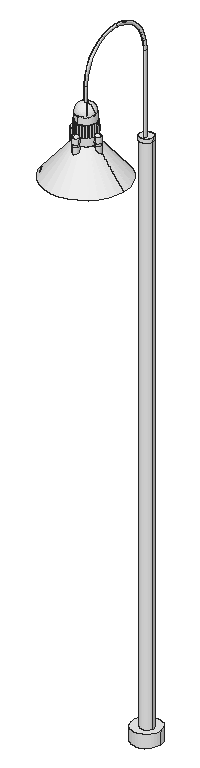
Revit family "RA25", category Lighting Fixtures, Revit 2021
Family settings
  Round Connector Dimension = Use Diameter
  Part Type = Normal
  OmniClass Number = 23.80.70.14.21
  OmniClass Title = Street and Roadway Lighting
  Work Plane-Based = No
  Always vertical = Yes
  Cut with Voids When Loaded = No
  Light Source = No
  Shared = No
  Room Calculation Point = No
Parameters (values of type "RA25-1A")
  Wattage Comments = "120 LEDs, 126W"  # constant formula
  Voltage = 120 V
  URL = "https://www.currentlighting.com/kimlighting"
  Type Comments = "Lighting Fixture"  # constant formula
  Series = "ERA LUMINAIRE"  # constant formula
  Product Page URL = ""
  Product Documentation Link = ""
  Power Factor = 1  # constant formula
  Pole Height = Mount Height - 16 1/2"  # 175 1/2"
  Pole Finish = Metal-Aluminum Alloy
  Photometric Notes = "More IES files download on Photometric Web Link"  # constant formula
  Number of Poles = 1
  Mount Height = 192"
  Model = "RA25"  # constant formula
  MasterFormat Title = "Parking Lighting, Roadway Lighting, Site Lighting"  # constant formula
  Manufacturer = "Kim Lighting"  # constant formula
  Load Classification = Lighting
  Lamp = "LED"  # constant formula
  Inside Material = Metal-Aluminum-Reflective
  IP Rating = "IP66"  # constant formula
  Housing Material = Metal-Aluminum Alloy
  Glass Material = Glass-Clear
  Finish = "All colors shall be a Super TGIC powder coat paint. Optional white (WH) and custom colors available."
  Description = "Era® is a transitionally styled luminaire that complements both traditional and contemporary architecture. Available with Kim's exclusive PicoEmitter LED technology."  # constant formula
  Default Elevation = 0"
  Contact us = ""
  Assembly Code = "D5020200"
  Arm Material = Metal-Aluminum Alloy
  Apparent Load = 68 VA
  Height = 17 1/2"
  Angle Bee = 180.00°
  4C = no
  3Y = no
  2 = no
  1 = yes
Reference planes (in)
  plane 1 "Center (Front/Back)": y = 0
  plane 2: z = 189
  plane 3 "Center (Left/Right)": x = -1.40174
  plane 4 "TOP": z = 192
  plane 5: z = 175.5
  plane 6: z = 182.5
  plane 7: x = 1.59826
  plane 8: x = -4.40174
  plane 9: z = 174.5
  plane 10: x = 7.09826
  plane 11: x = -9.90174
  plane 12: z = 183.5
  plane 13: z = 185
  plane 14: z = 188
  plane 15: x = 2.59826
  plane 16: x = -5.40174
  plane 17: y = -3
  plane 18: x = 3.34826
  plane 19: z = 179.5
  plane 20: x = -6.15174
  plane 21: y = 3
  plane 22: y = 4
  plane 23: y = -4
  plane 24: z = 177.20677
  plane 25 "Bottom": z = 172.75
  plane 26: z = 175
  plane 27: z = 176.5
  plane 28: z = 0
Forms (in)
  Revolve 1, solid, material "Glass-Clear" <- "Glass Material", not visible
    sketch origin (0, 0, 33.625) x (1, 0, 0) y (0, 0, 1)
      loop
        line (5.64075, 140.875) -> (5.36959, 140.875)
        arc (5.36959, 140.875) -> (2.08006, 139.66194) -> (-1.40174, 139.25) r 14.92048
        line (-1.40174, 139.25) -> (-1.40174, 139.125)
        arc (-1.40174, 139.125) -> (2.22659, 139.56905) -> (5.64075, 140.875) r 15.04548
      axis (-1.40174, 139.125) -> (-1.40174, 140.875)
    angle from 0 to 360
  Extrusion 2, solid, material "Glass-Clear" <- "Glass Material", not visible
    sketch origin (4.8439, 0, 27.67862) x (0, 1, 0) y (1, 0, 0)
      loop
        circle (0, -6.24564) r 7.04249
    from -147.32138 to -146.82138
  Revolve 3, solid, material "Metal-Aluminum Alloy" <- "Housing Material", not visible
    sketch origin (0, 0, 36) x (1, 0, 0) y (0, 0, 1)
      loop
        line (-1.40174, 156) -> (-1.40174, 155.875)
        arc (-1.40174, 155.875) -> (0.63119, 155.03293) -> (1.47326, 153) r 2.875
        line (1.47326, 153) -> (1.59826, 153)
        arc (1.59826, 153) -> (0.71958, 155.12132) -> (-1.40174, 156) r 3
      axis (-1.40174, 156) -> (-1.40174, 153)
    angle from 0 to 360
  Extrusion 4, solid, material "Metal-Aluminum Alloy" <- "Housing Material", not visible
    sketch origin (4.8439, 0, 29.1894) x (0, 1, 0) y (-1, 0, 0)
      loop
        circle (0, 2.24564) r 1
    from 150.3106 to 153.3106
  Extrusion 5, solid, material "Metal-Aluminum Alloy" <- "Housing Material", not visible
    sketch origin (0.83045, 4.01345, 29.1894) x (0, 1, 0) y (-1, 0, 0)
      loop
        circle (-0.01345, 2.23219) r 1
    from 150.3106 to 153.3106
  Extrusion 6, solid, material "Metal-Aluminum Alloy" <- "Housing Material", not visible
    sketch origin (-3.183, 0, 29.1894) x (0, 1, 0) y (-1, 0, 0)
      loop
        circle (0, 2.21874) r 0.98655
    from 150.3106 to 153.3106
  Extrusion 7, solid, material "Metal-Aluminum Alloy" <- "Housing Material", not visible
    sketch origin (0.83045, -4.01345, 29.1894) x (0, 1, 0) y (-1, 0, 0)
      loop
        circle (0.01345, 2.23219) r 0.98655
    from 150.3106 to 153.3106
  Blend 8, solid, material "Metal-Aluminum Alloy" <- "Housing Material", not visible
    base sketch origin (4.8439, 0, 29.1894) x (0, 1, 0) y (-1, 0, 0)
      loop
        line (3.25, 6.24564) -> (3.25, 6.49564) -> (3, 6.49564) -> (2.96248, 6.78061) -> (3.20396, 6.84532) -> (3.13926, 7.0868) -> (3.07455, 7.32828) -> (2.83307, 7.26357) -> (2.72308, 7.52913) -> (2.93958, 7.65413) -> (2.81458, 7.87064) -> (2.68958, 8.08714) -> (2.47308, 7.96214) -> (2.2981, 8.19018) -> (2.47487, 8.36696) -> (2.2981, 8.54373) -> (2.12132, 8.72051) -> (1.94454, 8.54373) -> (1.71836, 8.73208) -> (1.84197, 8.94939) -> (1.62466, 9.073) -> (1.40736, 9.1966) -> (1.28375, 8.9793) -> (1.01259, 9.07799) -> (1.07942, 9.334) -> (0.83753, 9.39715) -> (0.59564, 9.4603) -> (0.53249, 9.21841) -> (0.24492, 9.25814) -> (0.24332, 9.50814) -> (-0.00668, 9.50653) -> (-0.25667, 9.50493) -> (-0.25507, 9.25493) -> (-0.53249, 9.21841) -> (-0.59564, 9.4603) -> (-0.83753, 9.39715) -> (-1.07942, 9.334) -> (-1.01627, 9.0921) -> (-1.28375, 8.9793) -> (-1.40736, 9.1966) -> (-1.62466, 9.073) -> (-1.84197, 8.94939) -> (-1.71836, 8.73208) -> (-1.94454, 8.54373) -> (-2.12132, 8.72051) -> (-2.2981, 8.54373) -> (-2.47487, 8.36696) -> (-2.2981, 8.19018) -> (-2.47308, 7.96214) -> (-2.68958, 8.08714) -> (-2.81458, 7.87064) -> (-2.93958, 7.65413) -> (-2.72308, 7.52913) -> (-2.83307, 7.26357) -> (-3.07455, 7.32828) -> (-3.13926, 7.0868) -> (-3.20396, 6.84532) -> (-2.96248, 6.78061) -> (-3, 6.49564) -> (-3.25, 6.49564) -> (-3.25, 6.24564) -> (-3.25, 5.99564) -> (-3, 5.99564) -> (-2.96248, 5.71066) -> (-3.20396, 5.64595) -> (-3.13926, 5.40447) -> (-3.07455, 5.16299) -> (-2.83307, 5.2277) -> (-2.72308, 4.96214) -> (-2.93958, 4.83714) -> (-2.81458, 4.62064) -> (-2.68958, 4.40413) -> (-2.47308, 4.52913) -> (-2.2981, 4.30109) -> (-2.47487, 4.12432) -> (-2.2981, 3.94754) -> (-2.12132, 3.77076) -> (-1.94454, 3.94754) -> (-1.71836, 3.75919) -> (-1.84197, 3.54188) -> (-1.62466, 3.41828) -> (-1.40736, 3.29467) -> (-1.28375, 3.51197) -> (-1.01627, 3.39917) -> (-1.07942, 3.15727) -> (-0.83753, 3.09412) -> (-0.59564, 3.03097) -> (-0.53249, 3.27286) -> (-0.25507, 3.23634) -> (-0.25667, 2.98634) -> (-0.00668, 2.98474) -> (0.24332, 2.98313) -> (0.24492, 3.23313) -> (0.53249, 3.27286) -> (0.59564, 3.03097) -> (0.83753, 3.09412) -> (1.07942, 3.15727) -> (1.01627, 3.39917) -> (1.28375, 3.51197) -> (1.40736, 3.29467) -> (1.62466, 3.41828) -> (1.84197, 3.54188) -> (1.72076, 3.75497) -> (1.94454, 3.94754) -> (2.12132, 3.77076) -> (2.2981, 3.94754) -> (2.47487, 4.12432) -> (2.2981, 4.30109) -> (2.47308, 4.52913) -> (2.68958, 4.40413) -> (2.81458, 4.62064) -> (2.93958, 4.83714) -> (2.72308, 4.96214) -> (2.83307, 5.2277) -> (3.07455, 5.16299) -> (3.13926, 5.40447) -> (3.20396, 5.64595) -> (2.96248, 5.71066) -> (3, 5.99564) -> (3.25, 5.99564) -> (3.25, 6.24564)
    top sketch origin (4.8439, 0, 29.1894) x (0, 1, 0) y (-1, 0, 0)
      loop
        line (3.25, 6.24564) -> (3.25, 6.49564) -> (3, 6.49564) -> (2.96248, 6.78061) -> (3.20396, 6.84532) -> (3.13926, 7.0868) -> (3.07455, 7.32828) -> (2.83307, 7.26357) -> (2.72308, 7.52913) -> (2.93958, 7.65413) -> (2.81458, 7.87064) -> (2.68958, 8.08714) -> (2.47308, 7.96214) -> (2.2981, 8.19018) -> (2.47487, 8.36696) -> (2.2981, 8.54373) -> (2.12132, 8.72051) -> (1.94454, 8.54373) -> (1.71836, 8.73208) -> (1.84197, 8.94939) -> (1.62466, 9.073) -> (1.40736, 9.1966) -> (1.28375, 8.9793) -> (1.01259, 9.07799) -> (1.07942, 9.334) -> (0.83753, 9.39715) -> (0.59564, 9.4603) -> (0.53249, 9.21841) -> (0.24492, 9.25814) -> (0.24332, 9.50814) -> (-0.00668, 9.50653) -> (-0.25667, 9.50493) -> (-0.25507, 9.25493) -> (-0.53249, 9.21841) -> (-0.59564, 9.4603) -> (-0.83753, 9.39715) -> (-1.07942, 9.334) -> (-1.01627, 9.0921) -> (-1.28375, 8.9793) -> (-1.40736, 9.1966) -> (-1.62466, 9.073) -> (-1.84197, 8.94939) -> (-1.71836, 8.73208) -> (-1.94454, 8.54373) -> (-2.12132, 8.72051) -> (-2.2981, 8.54373) -> (-2.47487, 8.36696) -> (-2.2981, 8.19018) -> (-2.47308, 7.96214) -> (-2.68958, 8.08714) -> (-2.81458, 7.87064) -> (-2.93958, 7.65413) -> (-2.72308, 7.52913) -> (-2.83307, 7.26357) -> (-3.07455, 7.32828) -> (-3.13926, 7.0868) -> (-3.20396, 6.84532) -> (-2.96248, 6.78061) -> (-3, 6.49564) -> (-3.25, 6.49564) -> (-3.25, 6.24564) -> (-3.25, 5.99564) -> (-3, 5.99564) -> (-2.96248, 5.71066) -> (-3.20396, 5.64595) -> (-3.13926, 5.40447) -> (-3.07455, 5.16299) -> (-2.83307, 5.2277) -> (-2.72308, 4.96214) -> (-2.93958, 4.83714) -> (-2.81458, 4.62064) -> (-2.68958, 4.40413) -> (-2.47308, 4.52913) -> (-2.2981, 4.30109) -> (-2.47487, 4.12432) -> (-2.2981, 3.94754) -> (-2.12132, 3.77076) -> (-1.94454, 3.94754) -> (-1.71836, 3.75919) -> (-1.84197, 3.54188) -> (-1.62466, 3.41828) -> (-1.40736, 3.29467) -> (-1.28375, 3.51197) -> (-1.01627, 3.39917) -> (-1.07942, 3.15727) -> (-0.83753, 3.09412) -> (-0.59564, 3.03097) -> (-0.53249, 3.27286) -> (-0.25507, 3.23634) -> (-0.25667, 2.98634) -> (-0.00668, 2.98474) -> (0.24332, 2.98313) -> (0.24492, 3.23313) -> (0.53249, 3.27286) -> (0.59564, 3.03097) -> (0.83753, 3.09412) -> (1.07942, 3.15727) -> (1.01627, 3.39917) -> (1.28375, 3.51197) -> (1.40736, 3.29467) -> (1.62466, 3.41828) -> (1.84197, 3.54188) -> (1.72076, 3.75497) -> (1.94454, 3.94754) -> (2.12132, 3.77076) -> (2.2981, 3.94754) -> (2.47487, 4.12432) -> (2.2981, 4.30109) -> (2.47308, 4.52913) -> (2.68958, 4.40413) -> (2.81458, 4.62064) -> (2.93958, 4.83714) -> (2.72308, 4.96214) -> (2.83307, 5.2277) -> (3.07455, 5.16299) -> (3.13926, 5.40447) -> (3.20396, 5.64595) -> (2.96248, 5.71066) -> (3, 5.99564) -> (3.25, 5.99564) -> (3.25, 6.24564)
    from 155.8106 to 158.8106
  Extrusion 9, solid, material "Metal-Aluminum Alloy" <- "Housing Material", not visible
    sketch origin (4.8439, 0, 29.1894) x (0, 1, 0) y (-1, 0, 0)
      loop
        circle (0, 6.24564) r 3.25
      loop
        circle (0, 6.24564) r 3
    from 153.3106 to 155.8106
  Extrusion 10, solid, material "Metal-Aluminum Alloy" <- "Housing Material", not visible
    sketch origin (4.8439, 0, 29.1894) x (0, 1, 0) y (-1, 0, 0)
      loop
        circle (0, 2.24564) r 1
    from 154.3106 to 155.8106
  Revolve 11, solid, material "Metal-Aluminum Alloy" <- "Housing Material", not visible, detail levels fine
    sketch origin (0, 0, 36) x (1, 0, 0) y (0, 0, 1)
      loop
        arc (3.34826, 149) -> (3.12859, 149.53033) -> (2.59826, 149.75) r 0.75
        line (2.59826, 149.75) -> (2.59826, 149) -> (3.34826, 149)
      axis (2.59826, 149) -> (2.59826, 149.75)
    angle from 0 to 360
  Extrusion 12, solid, material "Metal-Aluminum Alloy" <- "Housing Material", not visible
    sketch origin (4.8439, 0, 29.1894) x (0, 1, 0) y (-1, 0, 0)
      loop
        circle (0, 10.24564) r 0.75
    from 153.3106 to 155.8106
  Extrusion 13, solid, material "Metal-Aluminum Alloy" <- "Housing Material", not visible
    sketch origin (-7.64737, 0, 29.1894) x (0, -1, 0) y (1, 0, 0)
      loop
        circle (0, 2.24564) r 1
    from 154.3106 to 155.8106
  Revolve 14, solid, material "Metal-Aluminum Alloy" <- "Housing Material", not visible
    sketch origin (-2.80348, 0, 36) x (-1, 0, 0) y (0, 0, 1)
      loop
        arc (3.34826, 149) -> (3.12859, 149.53033) -> (2.59826, 149.75) r 0.75
        line (2.59826, 149.75) -> (2.59826, 149) -> (3.34826, 149)
      axis (2.59826, 149) -> (2.59826, 149.75)
    angle from 0 to 360
  Extrusion 15, solid, material "Metal-Aluminum Alloy" <- "Housing Material", not visible
    sketch origin (-7.64737, 0, 29.1894) x (0, -1, 0) y (1, 0, 0)
      loop
        circle (0, 10.24564) r 0.75
    from 153.3106 to 155.8106
  Revolve 16, solid, material "Metal-Aluminum Alloy" <- "Housing Material", not visible
    sketch origin (0, 0, 36) x (1, 0, 0) y (0, 0, 1)
      loop
        line (1.59826, 146.5) -> (-1.40174, 146.5) -> (-1.40174, 143.5) -> (2.4979, 143.5) -> (5.64075, 139.5) -> (5.64075, 138.5) -> (7.09826, 138.5) -> (7.09826, 139.5) -> (1.59826, 146.5)
      axis (-1.40174, 138.5) -> (-1.40174, 146.5)
    angle from 0 to 360
  Revolve 17, solid, material "Metal-Aluminum-Reflective" <- "Inside Material", not visible
    sketch origin (5.12421, 0, -11.18857) x (1, 0, 0) y (0, 0, 1)
      loop
        line (-6.52594, 190.587) -> (-2.95443, 190.587) -> (-2.95443, 189.77976) -> (-1.45607, 189.08102) -> (-0.97861, 187.69437) -> (-0.97861, 185.68857) -> (0.51899, 185.68857) -> (0.51899, 185.79013) -> (-0.87705, 185.79013) -> (-0.87705, 187.71136) -> (-1.37408, 189.15484) -> (-2.85287, 189.84446) -> (-2.85287, 190.68857) -> (-6.52594, 190.68857) -> (-6.52594, 190.587)
      axis (-6.52594, 190.68857) -> (-6.52594, 185.68857)
    angle from 0 to 360
  Revolve 18, solid, material "Metal-Aluminum-Reflective" <- "Inside Material", not visible
    sketch origin (5.12421, 0, -11.18857) x (1, 0, 0) y (0, 0, 1)
      loop
        line (-6.52594, 189.7429) -> (-3.04956, 189.7429) -> (-2.55732, 188.31334) -> (-0.97895, 188.31334) -> (-0.97895, 185.68857) -> (0.51899, 185.68857) -> (0.51899, 185.79463) -> (-0.87635, 185.79463) -> (-0.87635, 188.39533) -> (-2.47814, 188.39533) -> (-2.97712, 189.84446) -> (-6.52594, 189.84446) -> (-6.52594, 189.7429)
      axis (-6.52594, 189.84446) -> (-6.52594, 185.68857)
    angle from 0 to 360
  Extrusion 19, solid, material "Metal-Aluminum Alloy" <- "Housing Material", not visible
    sketch origin (4.8439, 0, 29.1894) x (0, 1, 0) y (-1, 0, 0)
      loop
        circle (0, 6.24564) r 3
    from 155.8106 to 159.8106
  Extrusion 20, solid, material "Metal-Aluminum Alloy" <- "Housing Material", not visible
    sketch origin (-1.40174, -6.24564, 29.1894) x (1, 0, 0) y (0, 1, 0)
      loop
        circle (0, 2.24564) r 1
    from 154.3106 to 155.8106
  Revolve 21, solid, material "Metal-Aluminum Alloy" <- "Housing Material", not visible, detail levels fine
    sketch origin (-1.40174, -1.40174, 36) x (0, -1, 0) y (0, 0, -1)
      loop
        line (3.34826, -149) -> (2.59826, -149) -> (2.59826, -149.75)
        arc (2.59826, -149.75) -> (3.12859, -149.53033) -> (3.34826, -149) r 0.75
      axis (2.59826, -149) -> (2.59826, -149.75)
    angle from 0 to 360
  Extrusion 22, solid, material "Metal-Aluminum Alloy" <- "Housing Material", not visible
    sketch origin (-1.40174, 6.24564, 29.1894) x (-1, 0, 0) y (0, -1, 0)
      loop
        circle (0, 2.24564) r 1
    from 154.3106 to 155.8106
  Revolve 23, solid, material "Metal-Aluminum Alloy" <- "Housing Material", not visible
    sketch origin (-1.40174, 1.40174, 36) x (0, 1, 0) y (0, 0, 1)
      loop
        arc (3.34826, 149) -> (3.12859, 149.53033) -> (2.59826, 149.75) r 0.75
        line (2.59826, 149.75) -> (2.59826, 149) -> (3.34826, 149)
      axis (2.59826, 149) -> (2.59826, 149.75)
    angle from 0 to 360
  Extrusion 24, solid, material "Metal-Aluminum Alloy" <- "Housing Material", not visible
    sketch origin (-1.40174, 6.24564, 29.1894) x (-1, 0, 0) y (0, -1, 0)
      loop
        circle (0, 10.24564) r 0.75
    from 153.3106 to 155.8106
  Extrusion 25, solid, material "Metal-Aluminum Alloy" <- "Housing Material", not visible
    sketch origin (-1.40174, -6.24564, 29.1894) x (1, 0, 0) y (0, 1, 0)
      loop
        circle (0, 10.24564) r 0.75
    from 153.3106 to 155.8106
  Revolve 26, solid, material "Metal-Aluminum Alloy" <- "Housing Material", not visible
    sketch origin (0, 0, 36) x (1, 0, 0) y (0, 0, 1)
      loop
        line (-1.40174, 146.5) -> (-4.40174, 146.5) -> (-9.90174, 138.5) -> (-1.40174, 138.5) -> (-1.40174, 146.5)
      axis (-1.40174, 146.5) -> (-1.40174, 138.5)
    angle from 0 to 360
  Extrusion 27, solid, material "Metal-Aluminum Alloy" <- "Housing Material", not visible
    sketch origin (4.8439, 0, 29.1894) x (0, 1, 0) y (-1, 0, 0)
      loop
        circle (0, 6.24564) r 3
    from 153.3106 to 159.8106
  Sweep 28, solid, material "Metal-Aluminum Alloy" <- "Pole Finish", visible <- "1"
    path origin (-26.63639, -48.15867, 0) x (0.000096, -1, 0) y (0, 0, 1)
      loop
        line (0.3125, 192) -> (0.3125, 201)
        arc (0.3125, 201) -> (-3.20222, 209.48528) -> (-11.6875, 213) r 12
        arc (-11.6875, 213) -> (-20.17278, 209.48528) -> (-23.6875, 201) r 12
        line (-23.6875, 201) -> (-23.6875, 175.5)
    profile origin (-26.63636, -48.47117, 196.5) x (-0.000096, 1, 0) y (-1, -0.000096, 0)
      loop
        circle (0, -25.23698) r 0.39063
  Sweep 29, solid, material "Metal-Aluminum Alloy" <- "Pole Finish", visible <- "2"
    path origin (-26.63639, 0.48819, 0) x (0.000096, 1, 0) y (0, 0, -1)
      loop
        line (0.3125, -192) -> (0.3125, -201)
        arc (0.3125, -201) -> (-3.20222, -209.48528) -> (-11.6875, -213) r 12
        arc (-11.6875, -213) -> (-20.17278, -209.48528) -> (-23.6875, -201) r 12
        line (-23.6875, -201) -> (-23.6875, -175.5)
    profile origin (-26.63636, 0.80069, 196.5) x (0.000096, 1, 0) y (-1, 0.000096, 0)
      loop
        circle (0, -25.23698) r 0.39063
  Sweep 30, solid, material "Metal-Aluminum Alloy" <- "Pole Finish", visible <- "3Y"
    path origin (-34.87341, -33.40595, 0) x (-0.865977, 0.500083, 0) y (0, 0, -1)
      loop
        line (0.3125, -192) -> (0.3125, -201)
        arc (0.3125, -201) -> (-3.20222, -209.48528) -> (-11.6875, -213) r 12
        arc (-11.6875, -213) -> (-20.17278, -209.48528) -> (-23.6875, -201) r 12
        line (-23.6875, -201) -> (-23.6875, -175.5)
    profile origin (-35.14403, -33.24967, 196.5) x (-0.865977, 0.500083, 0) y (-0.500083, -0.865977, 0)
      loop
        circle (0, -25.23698) r 0.39063
  Sweep 31, solid, material "Metal-Aluminum Alloy" <- "Pole Finish", visible <- "3Y"
    path origin (32.06994, -33.40595, 0) x (0.865977, 0.500083, 0) y (0, 0, 1)
      loop
        line (0.3125, 192) -> (0.3125, 201)
        arc (0.3125, 201) -> (-3.20222, 209.48528) -> (-11.6875, 213) r 12
        arc (-11.6875, 213) -> (-20.17278, 209.48528) -> (-23.6875, 201) r 12
        line (-23.6875, 201) -> (-23.6875, 175.5)
    profile origin (32.34055, -33.24967, 196.5) x (-0.865977, -0.500083, 0) y (0.500083, -0.865977, 0)
      loop
        circle (0, -25.23698) r 0.39063
  Sweep 32, solid, material "Metal-Aluminum Alloy" <- "Pole Finish", visible <- "4C"
    path origin (-25.39036, -48.91441, 0) x (-0.999994, -0.00354, 0) y (0, 0, -1)
      loop
        line (0.3125, -192) -> (0.3125, -201)
        arc (0.3125, -201) -> (-3.20222, -209.48528) -> (-11.6875, -213) r 12
        arc (-11.6875, -213) -> (-20.17278, -209.48528) -> (-23.6875, -201) r 12
        line (-23.6875, -201) -> (-23.6875, -175.5)
    profile origin (-25.70286, -48.91551, 196.5) x (-0.999994, -0.00354, 0) y (0.00354, -0.999994, 0)
      loop
        circle (0, -25.23698) r 0.39063
  Sweep 33, solid, material "Metal-Aluminum Alloy" <- "Pole Finish", visible <- "4C"
    path origin (22.58688, -48.91441, 0) x (0.999994, -0.00354, 0) y (0, 0, 1)
      loop
        line (0.3125, 192) -> (0.3125, 201)
        arc (0.3125, 201) -> (-3.20222, 209.48528) -> (-11.6875, 213) r 12
        arc (-11.6875, 213) -> (-20.17278, 209.48528) -> (-23.6875, 201) r 12
        line (-23.6875, 201) -> (-23.6875, 175.5)
    profile origin (22.89938, -48.91551, 196.5) x (-0.999994, 0.00354, 0) y (-0.00354, -0.999994, 0)
      loop
        circle (0, -25.23698) r 0.39063
Lines and regions (in)
  symbolic lines, detail levels medium+fine
    curve 1: arc (-1.40174, 0, 192) -> (0.71958, 0, 191.12132) -> (1.59826, 0, 189) r 3
    curve 3: line (1.59826, 0, 182.5) -> (7.09826, 0, 175.5)
    curve 5: line (-9.90174, 0, 175.5) -> (-4.40174, 0, 182.5)
    curve 7: arc (-4.40174, 0, 189) -> (-3.52306, 0, 191.12132) -> (-1.40174, 0, 192) r 3
    curve 8: line (7.09826, 0, 175.5) -> (-9.90174, 0, 175.5)
    curve 9: line (1.59826, 0, 182.5) -> (-4.40174, 0, 182.5)
    curve 25: arc (5.64075, 0, 174.5) -> (-1.40174, 0, 172.75) -> (-8.44423, 0, 174.5) r 15.04548
    curve 29: line (-9.90174, 0, 175.5) -> (-9.90174, 0, 174.5)
    curve 30: line (7.09826, 0, 175.5) -> (7.09826, 0, 174.5)
  symbolic lines
    curve 2: line (1.59826, 0, 189) -> (1.59826, 0, 182.5)
    curve 4: line (7.09826, 0, 174.5) -> (-9.90174, 0, 174.5)
    curve 6: line (-4.40174, 0, 182.5) -> (-4.40174, 0, 189)
  symbolic lines, detail levels fine
    curve 10: line (1.59826, 0, 182.5) -> (3.59826, 0, 182.5)
    curve 11: line (3.59826, 0, 182.5) -> (3.59826, 0, 179.95455)
    curve 12: line (-4.40174, 0, 182.5) -> (-6.40174, 0, 182.5)
    curve 13: line (-6.40174, 0, 182.5) -> (-6.40174, 0, 179.95455)
    curve 14: line (-4.40174, 0, 182.5) -> (-6.40174, 0, 182.5)
    curve 15: line (-0.40174, 0, 182.5) -> (-2.40174, 0, 182.5)
    curve 16: line (-0.40174, 0, 182.5) -> (-0.40174, 0, 180.86827)
    curve 17: spline (-0.40174, 0, 180.86827) -> (-0.43581, 0, 180.58001) -> (-0.53571, 0, 180.3114) -> (-0.69463, 0, 180.08073) -> (-0.90174, 0, 179.90374) -> (-1.14292, 0, 179.79247) -> (-1.40174, 0, 179.75452) -> (-1.66056, 0, 179.79247) -> (-1.90174, 0, 179.90374) -> (-2.10885, 0, 180.08073) -> (-2.26776, 0, 180.3114) -> (-2.36767, 0, 180.58001) -> (-2.40174, 0, 180.86827)
    curve 18: line (-2.40174, 0, 180.86827) -> (-2.40174, 0, 182.5)
    curve 19: line (1.59826, 0, 188) -> (-4.40174, 0, 188)
    curve 20: line (1.59826, 0, 185) -> (-4.40174, 0, 185)
  symbolic lines, detail levels coarse
    curve 21: line (1.59826, 0, 182.5) -> (7.09826, 0, 174.5)
    curve 22: line (-4.40174, 0, 182.5) -> (-9.90174, 0, 174.5)
    curve 23: line (1.59826, 0, 182.5) -> (-9.90174, 0, 174.5)
    curve 24: line (-4.40174, 0, 182.5) -> (7.09826, 0, 174.5)
    curve 26: line (1.59826, 0, 189) -> (1.59826, 0, 183.5)
    curve 27: line (1.59826, 0, 183.5) -> (-4.40174, 0, 183.5)
    curve 28: line (-4.40174, 0, 183.5) -> (-4.40174, 0, 189)
Dimensions and locks (in)
  locked: plane 2 to plane 4 "TOP" at 3
  locked: plane 14 to plane 4 "TOP" at 4
  locked: plane 13 to plane 4 "TOP" at 7
  locked: plane 12 to plane 4 "TOP" at 8.5
  locked: plane 25 "Bottom" to plane 6 at 9.75
  locked: plane 25 "Bottom" to plane 5 at 2.75
  locked: plane 25 "Bottom" to plane 26 at 2.25
  locked: plane 25 "Bottom" to plane 9 at 1.75
  locked: plane 25 "Bottom" to plane 27 at 3.75
  locked: plane 25 "Bottom" to plane 24 at 4.45677
  locked: plane 25 "Bottom" to plane 19 at 6.75
  equal spacing: plane 11, plane 3 "Center (Left/Right)", plane 10
  locked: plane 11 to plane 10 at 17
  plane 23 to plane 1 "Center (Front/Back)" to plane 22 = 4" locked, 4" locked
  plane 17 to plane 1 "Center (Front/Back)" to plane 21 = 3" locked, 3" locked
  plane 20 to plane 3 "Center (Left/Right)" to plane 18 = 4 3/4" locked, 4 3/4" locked
  plane 16 to plane 3 "Center (Left/Right)" to plane 15 = 4" locked, 4" locked
  plane 8 to plane 3 "Center (Left/Right)" to plane 7 = 3" locked, 3" locked
  "Height": plane 9 to plane 4 "TOP"
  "Mount Height": level to plane 4 "TOP"
  locked: nested 2 to plane 1 "Center (Front/Back)" at 23.83524
  locked: plane 4 "TOP" to nested 2 at 16.5
  aligned and locked: plane 3 "Center (Left/Right)" to nested 1
  aligned and locked: curve 27 to plane 12
  aligned and locked: Revolve 18 to Revolve 17 sketch curve
  aligned and locked: plane 9 to nested 8
  aligned and locked: plane 9 to nested 7
  aligned and locked: plane 9 to nested 5
  aligned and locked: plane 9 to nested 4
  aligned and locked: nested 6 to plane 9
  aligned and locked: plane 9 to nested 3
Automatic sketch dimensions
  Revolve 1 sketch curve to Revolve 1 sketch curve = 0"  (x4)
  Revolve 1 sketch curve to Revolve 1 sketch curve = 0.27116"
  Revolve 1 sketch curve to Revolve 1 sketch curve = 10 1/4"
  Revolve 1 sketch curve to Revolve 1 sketch curve = 1.29548"
  Blend 8 sketch curve to Blend 8 sketch curve = 0.21651"  (x20)
  Blend 8 sketch curve to Blend 8 sketch curve = 1/8"  (x20)
  Blend 8 sketch curve to Blend 8 sketch curve = 0.21471"  (x4)
  Blend 8 sketch curve to Blend 8 sketch curve = 0.17678"  (x44)
  Blend 8 sketch curve to Blend 8 sketch curve = 0.27935"  (x4)
  Blend 8 sketch curve to Blend 8 sketch curve = 0.12361"  (x22)
  Blend 8 sketch curve to Blend 8 sketch curve = 0.2173"  (x16)
  Blend 8 sketch curve to Blend 8 sketch curve = 0.32794"  (x4)
  Blend 8 sketch curve to Blend 8 sketch curve = 0.06315"  (x22)
  Blend 8 sketch curve to Blend 8 sketch curve = 0.24189"  (x16)
  Blend 8 sketch curve to Blend 8 sketch curve = 0.00161"  (x12)
  Blend 8 sketch curve to Blend 8 sketch curve = 0.28756"  (x4)
  Blend 8 sketch curve to Blend 8 sketch curve = 0.17506"  (x2)
  Blend 8 sketch curve to Blend 8 sketch curve = 0.17874"  (x2)
  Blend 8 sketch curve to Blend 8 sketch curve = 0.27117"  (x2)
  Blend 8 sketch curve to Blend 8 sketch curve = 0.26748"  (x2)
  Blend 8 sketch curve to Blend 8 sketch curve = 0.0937"  (x6)
  Blend 8 sketch curve to Blend 8 sketch curve = 0.0961"  (x2)
  Blend 8 sketch curve to Blend 8 sketch curve = 0.22618"  (x2)
  Blend 8 sketch curve to Blend 8 sketch curve = 0.22378"  (x2)
  Blend 8 sketch curve to Blend 8 sketch curve = 0"  (x6)
  Blend 8 sketch curve to Blend 8 sketch curve = 0.35355"  (x2)
  Blend 8 sketch curve to Blend 8 sketch curve = 0.17498"  (x4)
  Blend 8 sketch curve to Blend 8 sketch curve = 0.22888"  (x4)
  Blend 8 sketch curve to Blend 8 sketch curve = 0.27981"  (x4)
  Blend 8 sketch curve to Blend 8 sketch curve = 0.32585"  (x4)
  Blend 8 sketch curve to Blend 8 sketch curve = 0.0647"  (x20)
  Blend 8 sketch curve to Blend 8 sketch curve = 0.24148"  (x20)
  Blend 8 sketch curve to Blend 8 sketch curve = 1/4"  (x28)
  Blend 8 sketch curve to Blend 8 sketch curve = 0.28498"  (x6)
  Blend 8 sketch curve to Blend 8 sketch curve = 0.26556"  (x4)
  Blend 8 sketch curve to Blend 8 sketch curve = 0.09151"  (x4)
  Blend 8 sketch curve to Blend 8 sketch curve = 0.22804"  (x4)
  Blend 8 sketch curve to Blend 8 sketch curve = 0.18835"  (x4)
  Extrusion 9 sketch curve to Extrusion 9 sketch curve = 0"  (x4)
  Revolve 17 sketch curve to Revolve 17 sketch curve = 13/128"  (x4)
  Revolve 17 sketch curve to Revolve 17 sketch curve = 0.08199"
  Revolve 17 sketch curve to Revolve 17 sketch curve = 0.07383"
  Revolve 17 sketch curve to Revolve 17 sketch curve = 0.80724"
  Revolve 17 sketch curve to Revolve 17 sketch curve = 0.0647"
  Revolve 18 sketch curve to Revolve 18 sketch curve = 0.07244"
  Revolve 18 sketch curve to Revolve 18 sketch curve = 0.1026"
  Revolve 18 sketch curve to Revolve 18 sketch curve = 1.39534"
  Revolve 18 sketch curve to Revolve 18 sketch curve = 13/128"
  Revolve 1 sketch curve to Revolve 1 sketch curve = 6.77133"
  Revolve 1 sketch curve to Revolve 1 sketch curve = 1/8"
  Revolve 3 sketch curve to Revolve 3 sketch curve = 2 7/8"
  Revolve 3 sketch curve to Revolve 3 sketch curve = 1/8"
  Revolve 3 sketch curve to Revolve 3 sketch curve = 0"  (x3)
  Revolve 3 sketch curve to Revolve 3 sketch curve = 21"
  Revolve 3 sketch curve to Revolve 3 sketch curve = 41.9023"
  Blend 8 sketch curve to Blend 8 sketch curve = 0.04604"  (x4)
  Blend 8 sketch curve to Blend 8 sketch curve = 0.13497"  (x4)
  Blend 8 sketch curve to Blend 8 sketch curve = 0.33896"  (x4)
  Blend 8 sketch curve to Blend 8 sketch curve = 0.12121"  (x2)
  Blend 8 sketch curve to Blend 8 sketch curve = 0.11"  (x4)
  Blend 8 sketch curve to Blend 8 sketch curve = 0.12941"  (x4)
  Blend 8 sketch curve to Blend 8 sketch curve = 0.03752"  (x4)
  Blend 8 sketch curve to Blend 8 sketch curve = 0.04784"  (x2)
  Blend 8 sketch curve to Blend 8 sketch curve = 0.04463"  (x2)
  Blend 8 sketch curve to Blend 8 sketch curve = 0.13739"  (x4)
  Blend 8 sketch curve to Blend 8 sketch curve = 0.34968"  (x2)
  Blend 8 sketch curve to Blend 8 sketch curve = 0.0987"  (x2)
  Blend 8 sketch curve to Blend 8 sketch curve = 0.11281"  (x2)
  Blend 8 sketch curve to Blend 8 sketch curve = 0.1263"  (x2)
  Blend 8 sketch curve to Blend 8 sketch curve = 0.14042"  (x2)
  Blend 8 sketch curve to Blend 8 sketch curve = 0.03652"  (x2)
  Blend 8 sketch curve to Blend 8 sketch curve = 0.03973"  (x2)
  Blend 8 sketch curve to Blend 8 sketch curve = 0.256"  (x2)
  Revolve 11 sketch curve to Revolve 11 sketch curve = 3/4"
  Revolve 11 sketch curve to Revolve 11 sketch curve = 0"
  Revolve 11 sketch curve to Revolve 11 sketch curve = 14.6544"
  Revolve 11 sketch curve to Revolve 11 sketch curve = 121.96935"
  Revolve 14 sketch curve to Revolve 14 sketch curve = 3/4"
  Revolve 14 sketch curve to Revolve 14 sketch curve = 0"
  Revolve 14 sketch curve to Revolve 14 sketch curve = 14.6544"
  Revolve 14 sketch curve to Revolve 14 sketch curve = 121.96935"
  Revolve 16 sketch curve to Revolve 16 sketch curve = 3"  (x2)
  Revolve 16 sketch curve to Revolve 16 sketch curve = 0.89963"
  Revolve 16 sketch curve to Revolve 16 sketch curve = 3.14286"
  Revolve 16 sketch curve to Revolve 16 sketch curve = 1.45751"
  Revolve 16 sketch curve to Revolve 16 sketch curve = 1"  (x2)
  Revolve 16 sketch curve to Revolve 16 sketch curve = 4"
  Revolve 16 sketch curve to Revolve 16 sketch curve = 0"  (x2)
  Revolve 16 sketch curve to Revolve 16 sketch curve = 5"
  Revolve 17 sketch curve to Revolve 17 sketch curve = 1.39604"
  Revolve 17 sketch curve to Revolve 17 sketch curve = 0.39547"
  Revolve 17 sketch curve to Revolve 17 sketch curve = 1.3968"
  Revolve 17 sketch curve to Revolve 17 sketch curve = 3.57151"
  Revolve 17 sketch curve to Revolve 17 sketch curve = 1.90424"
  Revolve 17 sketch curve to Revolve 17 sketch curve = 0.017"
  Revolve 17 sketch curve to Revolve 17 sketch curve = 1.38665"
  Revolve 17 sketch curve to Revolve 17 sketch curve = 0.69874"
  Revolve 17 sketch curve to Revolve 17 sketch curve = 0"  (x2)
  Revolve 17 sketch curve to Revolve 17 sketch curve = 3 115/128"
  Revolve 18 sketch curve to Revolve 18 sketch curve = 3.47638"
  Revolve 18 sketch curve to Revolve 18 sketch curve = 0.49224"
  Revolve 18 sketch curve to Revolve 18 sketch curve = 0.07918"
  Revolve 18 sketch curve to Revolve 18 sketch curve = 1.57837"
  Revolve 18 sketch curve to Revolve 18 sketch curve = 0.10607"
  Revolve 18 sketch curve to Revolve 18 sketch curve = 2.5187"
  Revolve 18 sketch curve to Revolve 18 sketch curve = 0.082"
  Revolve 18 sketch curve to Revolve 18 sketch curve = 1.42956"
  Revolve 18 sketch curve to Revolve 18 sketch curve = 0"
  Revolve 18 sketch curve to Revolve 18 sketch curve = 4.05433"
  Revolve 18 sketch curve to Revolve 18 sketch curve = 0.84411"
  Revolve 21 sketch curve to Revolve 21 sketch curve = 3/4"
  Revolve 21 sketch curve to Revolve 21 sketch curve = 0"
  Revolve 21 sketch curve to Revolve 21 sketch curve = 14.6544"
  Revolve 21 sketch curve to Revolve 21 sketch curve = 121.96935"
  Revolve 23 sketch curve to Revolve 23 sketch curve = 3/4"
  Revolve 23 sketch curve to Revolve 23 sketch curve = 0"
  Revolve 23 sketch curve to Revolve 23 sketch curve = 14.6544"
  Revolve 23 sketch curve to Revolve 23 sketch curve = 121.96935"
  Revolve 26 sketch curve to Revolve 26 sketch curve = 5 1/2"
  Revolve 26 sketch curve to Revolve 26 sketch curve = 3"
  Revolve 26 sketch curve to Revolve 26 sketch curve = 8"
  Revolve 26 sketch curve to Revolve 26 sketch curve = 0"  (x3)
  curve 1 to curve 7 = 0"  (x2)
  curve 23 to plane 9 = 0"
  curve 23 to plane 11 = 0"
  curve 14 to plane 6 = 0"
  curve 6 to plane 2 = 0"
  curve 6 to plane 8 = 0"
  curve 15 to plane 6 = 0"
  curve 7 to plane 3 "Center (Left/Right)" = 0"
  curve 17 to plane 3 "Center (Left/Right)" = 0"
  curve 25 to plane 3 "Center (Left/Right)" = 0"
  curve 4 to plane 10 = 0"
  curve 29 to plane 5 = 0"
  curve 20 to plane 13 = 0"
  curve 19 to plane 14 = 0"
  curve 14 to plane 20 = 1/4"
  curve 15 to plane 3 "Center (Left/Right)" = 1"
  curve 11 to plane 18 = 1/4"
  curve 18 to plane 19 = 1.36827"
  plane 14 to curve 25 = 0.20452"
  plane 11 to curve 25 = 1.45751"
  Sweep 28 sketch curve to Sweep 28 sketch curve = 0"  (x2)
  Sweep 28 sketch curve to plane 5 = 0"
  Sweep 28 sketch curve to plane 4 "TOP" = 0"
  plane 4 "TOP" to Sweep 28 sketch curve = 9"
  Sweep 28 sketch curve to Sweep 28 sketch curve = 12"
  profile plane to Sweep 28 sketch curve = 0"
  Sweep 28 sketch curve to profile plane = 25.23698"
  Sweep 29 sketch curve to Sweep 29 sketch curve = 0"  (x2)
  Sweep 29 sketch curve to plane 5 = 0"
  Sweep 29 sketch curve to plane 4 "TOP" = 0"
  plane 4 "TOP" to Sweep 29 sketch curve = 9"
  Sweep 29 sketch curve to Sweep 29 sketch curve = 12"
  profile plane to Sweep 29 sketch curve = 0"
  Sweep 29 sketch curve to profile plane = 25.23698"
  Sweep 30 sketch curve to Sweep 30 sketch curve = 0"  (x2)
  Sweep 30 sketch curve to plane 5 = 0"
  Sweep 30 sketch curve to plane 4 "TOP" = 0"
  plane 4 "TOP" to Sweep 30 sketch curve = 9"
  Sweep 30 sketch curve to Sweep 30 sketch curve = 12"
  profile plane to Sweep 30 sketch curve = 0"
  Sweep 30 sketch curve to profile plane = 25.23698"
  Sweep 31 sketch curve to Sweep 31 sketch curve = 0"  (x2)
  Sweep 31 sketch curve to plane 5 = 0"
  Sweep 31 sketch curve to plane 4 "TOP" = 0"
  plane 4 "TOP" to Sweep 31 sketch curve = 9"
  Sweep 31 sketch curve to Sweep 31 sketch curve = 12"
  Sweep 31 sketch curve to profile plane = 0"
  Sweep 31 sketch curve to profile plane = 25.23698"
  Sweep 32 sketch curve to Sweep 32 sketch curve = 0"  (x2)
  Sweep 32 sketch curve to plane 5 = 0"
  Sweep 32 sketch curve to plane 4 "TOP" = 0"
  plane 4 "TOP" to Sweep 32 sketch curve = 9"
  Sweep 32 sketch curve to Sweep 32 sketch curve = 12"
  Sweep 32 sketch curve to profile plane = 0"
  Sweep 32 sketch curve to profile plane = 25.23698"
  Sweep 33 sketch curve to Sweep 33 sketch curve = 0"  (x2)
  Sweep 33 sketch curve to plane 5 = 0"
  Sweep 33 sketch curve to plane 4 "TOP" = 0"
  plane 4 "TOP" to Sweep 33 sketch curve = 9"
  Sweep 33 sketch curve to Sweep 33 sketch curve = 12"
  profile plane to Sweep 33 sketch curve = 0"
  Sweep 33 sketch curve to profile plane = 25.23698"
  radius of Extrusion 2 sketch curve = 7.04249"
  radius of Extrusion 4 sketch curve = 1"
  radius of Extrusion 5 sketch curve = 1"
  radius of Extrusion 6 sketch curve = 0.98655"
  radius of Extrusion 7 sketch curve = 0.98655"
  radius of Extrusion 9 sketch curve = 3 1/4"
  radius of Extrusion 9 sketch curve = 3"
  radius of Extrusion 10 sketch curve = 1"
  radius of Extrusion 12 sketch curve = 3/4"
  radius of Extrusion 13 sketch curve = 1"
  radius of Extrusion 15 sketch curve = 3/4"
  radius of Extrusion 19 sketch curve = 3"
  radius of Extrusion 20 sketch curve = 1"
  radius of Extrusion 22 sketch curve = 1"
  radius of Extrusion 24 sketch curve = 3/4"
  radius of Extrusion 25 sketch curve = 3/4"
  radius of Extrusion 27 sketch curve = 3"
  radius of Sweep 28 sketch curve = 25/64"
  radius of Sweep 29 sketch curve = 25/64"
  radius of Sweep 30 sketch curve = 25/64"
  radius of Sweep 31 sketch curve = 25/64"
  radius of Sweep 32 sketch curve = 25/64"
  radius of Sweep 33 sketch curve = 25/64"
Nested families (in)
  nested 1: "Notation" at (-1.40174, 8.53943, 0), type "Notation"
  nested 2: "Lighting_Fixture-Kim_Lighting-Post" at (-1.40174, -23.83524, 0), type "Lighting_Fixture-Kim_Lighting-Post"
    with Total Pole Height 175 1/2"
  nested 3: "RA25" at (0.09826, 0.25, 27.67862), visible <- "2", type "RA25"
  nested 4: "RA25" at (-2.90178, -48.40624, 27.67862) x (-1, 0, 0) z (0, 0, 1), visible <- "1", type "RA25"
  nested 5: "RA25" at (-21.29981, -10.37216, 27.67862) x (0.5, 0.866, 0) z (0, 0, 1), visible <- "3Y", type "RA25"
  nested 6: "RA25" at (18.49633, -10.37216, 27.67862) x (-0.5, 0.866, 0) z (0, 0, 1), visible <- "3Y", type "RA25"
  nested 7: "RA25" at (-25.24937, -22.17907, 27.67862) x (-0.0036, 1, 0) z (0, 0, 1), visible <- "4C", type "RA25"
  nested 8: "RA25" at (22.44589, -22.17907, 27.67862) x (0.0036, 1, 0) z (0, 0, 1), visible <- "4C", type "RA25"
Connectors (in)
  electrical at (-1.40174, -23.83524, 0), driven by "Voltage", driven by "Apparent Load", driven by "Power Factor"
    settings: on nested 2, index 1, voltage 120 V, apparent load 68 VA, apparent load phase1 0 VA, apparent load phase2 0 VA, apparent load phase3 0 VA, power factor 1, load classification "Other", number of poles 1, system type 30, power factor state 1, is connector primary yes, connector utility no, sub classification motor no, connector description "Lighting connector"
Definition of nested family "Lighting_Fixture-Kim_Lighting-Post"
  Parameters
    URL = "www.kimlighting.com"
    Total Pole Height = 192"
    Series = "Site/Roadway"  # constant formula
    Revisions Date = "1/11/10"  # constant formula
    Default Elevation = 0"
    Cap Radius = Pole Radius + 1/8"  # 2 1/8"
    Base Radius = 4 1/2"  # constant formula
    Pole Radius = 2"  # constant formula
    OmniClass Title = "Lighting Poles and Standards"  # constant formula
    OmniClass Number = "23.60.30.24.14"  # constant formula
    Model = ""
    Material = none
    MasterFormat Title = "Lighting Poles and Standards"  # constant formula
    MasterFormat Number = "26.56.13"  # constant formula
    Manufacturer = "KIM Lighting"  # constant formula
    LEED = "www.usgbc.org"
    Height of Base = 4"  # constant formula
    Description = "Lighting Post"  # constant formula
    Assembly Code = "D5020280"
    Architectural Design Manual = ""
  Reference planes (in)
    plane 1 "Center (Front/Back)": y = 0
    plane 2: z = 4
    plane 3 "Center (Left/Right)": x = 0
    plane 4 "Top": z = 192
    plane 5: y = -2
    plane 6: y = -4.5
    plane 7: x = -4.5
    plane 8: x = 4.5
    plane 9: y = 4.5
  Forms (in)
    Extrusion 1, solid, material <- "Material", detail levels medium+fine
      sketch origin (0, 0, 0) x (1, 0, 0) y (0, 1, 0)
        loop
          circle (0, 0) r 4.5
      from 0 to 4
    Extrusion 2, solid, material <- "Material"
      sketch origin (0, 0, 4) x (1, 0, 0) y (0, 1, 0)
        loop
          circle (0, 0) r 2
      from -4 to 188
    Extrusion 3, solid, material <- "Material", detail levels fine
      sketch origin (0, 0, 0) x (1, 0, 0) y (0, 1, 0)
        loop
          circle (0, 0) r 2.125
      from 190.99811 to 192
  Lines and regions (in)
    Masking region 1, detail levels medium+fine
      outline origin (0, 0, 0) x (1, 0, 0) y (0, 1, 0)
        loop
          circle (0, 0) r 4.5
    Masking region 2, detail levels medium+fine
      outline origin (0, 0, 0) x (1, 0, 0) y (0, 0, 1)
        loop
          line (-4.5, 0) -> (4.5, 0) -> (4.5, 4) -> (2, 4) -> (2, 192) -> (-2, 192) -> (-2, 4) -> (-4.5, 4) -> (-4.5, 0)
    Masking region 3, detail levels medium+fine
      outline origin (0, 0, 0) x (0, 1, 0) y (0, 0, 1)
        loop
          line (4.5, 0) -> (4.5, 4) -> (2, 4) -> (2, 192) -> (-2, 192) -> (-2, 4) -> (-4.5, 4) -> (-4.5, 0) -> (4.5, 0)
    Masking region 4, detail levels coarse
      outline origin (0, 0, 0) x (1, 0, 0) y (0, 0, 1)
        loop
          line (-2, 192) -> (-2, 0) -> (2, 0) -> (2, 192) -> (-2, 192)
    Masking region 5, detail levels coarse
      outline origin (0, 0, 0) x (0, 1, 0) y (0, 0, 1)
        loop
          line (2, 192) -> (-2, 192) -> (-2, 0) -> (2, 0) -> (2, 192)
    Masking region 6, detail levels fine
      outline origin (0, 0, 0) x (1, 0, 0) y (0, 0, 1)
        loop
          line (-2.125, 192) -> (-2.125, 190.99811) -> (2.125, 190.99811) -> (2.125, 192) -> (-2.125, 192)
    symbolic lines, detail levels fine
      curve 1: circle (0, 0, 0) r 2 normal (0, 0, 1)
      curve 2: circle (0, 0, 0) r 4.5 normal (0, 0, 1)
      curve 3: line (-2, 0, 4) -> (2, 0, 4)
      curve 4: line (0, 2, 4) -> (0, -2, 4)
    symbolic lines, detail levels coarse
      curve 5: line (-4.5, 4.5, 0) -> (4.5, 4.5, 0)
      curve 6: line (-4.5, -4.5, 0) -> (-4.5, 4.5, 0)
      curve 7: line (4.5, -4.5, 0) -> (-4.5, -4.5, 0)
      curve 8: line (4.5, 4.5, 0) -> (4.5, -4.5, 0)
  Dimensions and locks (in)
    "Height of Base": plane 2 to level
    "Total Pole Height": plane 4 "Top" to level
    "Pole Radius": plane 1 "Center (Front/Back)" to plane 5
    "Base Radius": plane 1 "Center (Front/Back)" to plane 6
    Masking region 2 sketch curve to Masking region 2 sketch curve to plane 3 "Center (Left/Right)" to Masking region 2 sketch curve to Masking region 2 sketch curve = 2 1/2" locked, 2" locked, 2" locked, 2 1/2" locked
    Masking region 3 sketch curve to Masking region 3 sketch curve to plane 1 "Center (Front/Back)" to Masking region 3 sketch curve to Masking region 3 sketch curve = 2 1/2" locked, 2" locked, 2" locked, 2 1/2" locked
    "Pole Radius": plane 3 "Center (Left/Right)" to Masking region 4 sketch curve
    "Pole Radius": Masking region 4 sketch curve to plane 3 "Center (Left/Right)"
    "Pole Radius": Masking region 5 sketch curve to plane 1 "Center (Front/Back)"
    "Pole Radius": plane 1 "Center (Front/Back)" to Masking region 5 sketch curve
    "Base Radius": plane 6 to plane 1 "Center (Front/Back)"
    "Base Radius": plane 1 "Center (Front/Back)" to plane 9
    "Base Radius": plane 7 to plane 3 "Center (Left/Right)"
    "Base Radius": plane 3 "Center (Left/Right)" to plane 8
    locked: plane 4 "Top" to Extrusion 3 at 1.00189
    "Cap Radius": Masking region 6 sketch curve to plane 3 "Center (Left/Right)"  (x2)
    "Base Radius": radius of Extrusion 1 sketch curve
    "Pole Radius": radius of Extrusion 2 sketch curve
    "Base Radius": radius of curve 2
    "Pole Radius": radius of curve 1
    "Base Radius": radius of Masking region 1 sketch curve
    "Cap Radius": radius of Extrusion 3 sketch curve
    aligned and locked: plane 1 "Center (Front/Back)" to Extrusion 1 sketch curve
    aligned and locked: plane 3 "Center (Left/Right)" to Extrusion 1 sketch curve
    aligned and locked: Extrusion 1 to level
    aligned and locked: plane 2 to Extrusion 1
    aligned and locked: plane 1 "Center (Front/Back)" to Extrusion 2 sketch curve
    aligned and locked: plane 3 "Center (Left/Right)" to Extrusion 2 sketch curve
    aligned and locked: plane 4 "Top" to Extrusion 2
    aligned and locked: plane 3 "Center (Left/Right)" to curve 1
    aligned and locked: plane 3 "Center (Left/Right)" to curve 2
    aligned and locked: plane 1 "Center (Front/Back)" to curve 2
    aligned and locked: plane 1 "Center (Front/Back)" to curve 1
    aligned and locked: plane 3 "Center (Left/Right)" to Masking region 1 sketch curve
    aligned and locked: plane 1 "Center (Front/Back)" to Masking region 1 sketch curve
    aligned and locked: Extrusion 2 to level
    aligned and locked: Masking region 2 sketch curve to level
    aligned and locked: plane 2 to Masking region 2 sketch curve  (x2)
    aligned and locked: plane 4 "Top" to Masking region 2 sketch curve
    aligned and locked: Masking region 2 to curve 3  (x2)
    aligned and locked: curve 3 to plane 2
    aligned and locked: plane 4 "Top" to Masking region 3 sketch curve
    aligned and locked: plane 2 to Masking region 3 sketch curve  (x2)
    aligned and locked: Masking region 3 sketch curve to level
    aligned and locked: Masking region 3 to curve 4
    aligned and locked: plane 5 to curve 4
    aligned and locked: curve 4 to plane 2
    aligned and locked: level to Masking region 4 sketch curve
    aligned and locked: Masking region 4 sketch curve to plane 4 "Top"
    aligned and locked: level to Masking region 5 sketch curve
    aligned and locked: Masking region 5 sketch curve to plane 4 "Top"
    aligned and locked: plane 7 to curve 5
    aligned and locked: plane 9 to curve 5
    aligned and locked: plane 6 to curve 8
    aligned and locked: curve 8 to plane 8
    aligned and locked: plane 4 "Top" to Extrusion 3
    aligned and locked: plane 4 "Top" to Masking region 6 sketch curve
    aligned and locked: Masking region 6 sketch curve to Extrusion 3
  Automatic sketch dimensions
    Extrusion 3 sketch curve to plane 1 "Center (Front/Back)" = 0"
    Extrusion 3 sketch curve to plane 3 "Center (Left/Right)" = 0"
Definition of nested family "RA25"
  Parameters
    Wattage = 126 W
    built-in parameter 1150110 = 1 (stored number, unit not read)
    built-in parameter 1114217 = 1 (stored number, unit not read)
    Tilt Angle = 90.00°
    built-in parameter 1150109 = 1 (stored number, unit not read)
    built-in parameter 1150134 = 3
    built-in parameter 1150113 = 1 (stored number, unit not read)
    Photometric Web File = "ra252e35-120l3k.ies"
    built-in parameter 1150105 = 952.54 (stored number, unit not read)
    Lumens = 11970 lm
    built-in parameter 1150115 = 1 (stored number, unit not read)
    built-in parameter 1150137 = (empty or 0)
    built-in parameter 1150139 = (empty or 0)
    built-in parameter 1150112 = 1 (stored number, unit not read)
    built-in parameter 1150114 = 1 (stored number, unit not read)
    Inside Material = none
    built-in parameter 1150132 = (empty or 0)
    built-in parameter 1150102 = (empty or 0)
    built-in parameter 1150107 = 3200 (stored number, unit not read)
    built-in parameter 1150138 = (empty or 0)
    built-in parameter 1150106 = 9.5254 (stored number, unit not read)
    Housing Material = none
    Glass Material = none
    Emit from Circle Diameter = 22"
    Emit Shape Visible in Rendering = no
    built-in parameter 1150104 = 8.8258 (stored number, unit not read)
    Dimming Lamp Color Temperature Shift = (empty or 0)
    Default Elevation = 0"
    Color Filter = 16777215
    built-in parameter 1114218 = 1 (stored number, unit not read)
    built-in parameter 1150133 = 10 (stored number, unit not read)
  Reference planes (in)
    plane 1 "Center (Front/Back)": y = 0
    plane 2: z = 0
    plane 3 "Center (Left/Right)": x = 0
    plane 4: x = 12.5
    plane 5: x = -12.5
    plane 6: z = 146.82138
    plane 7: z = 168.82138
  Forms (in)
    Blend 1, solid, material <- "Housing Material"
      base sketch origin (4.78032, 0.05401, 5.76078) x (0, 1, 0) y (-1, 0, 0)
        loop
          line (3.25, 6.24564) -> (3.25, 6.49564) -> (3, 6.49564) -> (2.96248, 6.78061) -> (3.20396, 6.84532) -> (3.13926, 7.0868) -> (3.07455, 7.32828) -> (2.83307, 7.26357) -> (2.72308, 7.52913) -> (2.93958, 7.65413) -> (2.81458, 7.87064) -> (2.68958, 8.08714) -> (2.47308, 7.96214) -> (2.2981, 8.19018) -> (2.47487, 8.36696) -> (2.2981, 8.54373) -> (2.12132, 8.72051) -> (1.94454, 8.54373) -> (1.71836, 8.73208) -> (1.84197, 8.94939) -> (1.62466, 9.073) -> (1.40736, 9.1966) -> (1.28375, 8.9793) -> (1.01259, 9.07799) -> (1.07942, 9.334) -> (0.83753, 9.39715) -> (0.59564, 9.4603) -> (0.53249, 9.21841) -> (0.24492, 9.25814) -> (0.24332, 9.50814) -> (-0.00668, 9.50653) -> (-0.25667, 9.50493) -> (-0.25507, 9.25493) -> (-0.53249, 9.21841) -> (-0.59564, 9.4603) -> (-0.83753, 9.39715) -> (-1.07942, 9.334) -> (-1.01627, 9.0921) -> (-1.28375, 8.9793) -> (-1.40736, 9.1966) -> (-1.62466, 9.073) -> (-1.84197, 8.94939) -> (-1.71836, 8.73208) -> (-1.94454, 8.54373) -> (-2.12132, 8.72051) -> (-2.2981, 8.54373) -> (-2.47487, 8.36696) -> (-2.2981, 8.19018) -> (-2.47308, 7.96214) -> (-2.68958, 8.08714) -> (-2.81458, 7.87064) -> (-2.93958, 7.65413) -> (-2.72308, 7.52913) -> (-2.83307, 7.26357) -> (-3.07455, 7.32828) -> (-3.13926, 7.0868) -> (-3.20396, 6.84532) -> (-2.96248, 6.78061) -> (-3, 6.49564) -> (-3.25, 6.49564) -> (-3.25, 6.24564) -> (-3.25, 5.99564) -> (-3, 5.99564) -> (-2.96248, 5.71066) -> (-3.20396, 5.64595) -> (-3.13926, 5.40447) -> (-3.07455, 5.16299) -> (-2.83307, 5.2277) -> (-2.72308, 4.96214) -> (-2.93958, 4.83714) -> (-2.81458, 4.62064) -> (-2.68958, 4.40413) -> (-2.47308, 4.52913) -> (-2.2981, 4.30109) -> (-2.47487, 4.12432) -> (-2.2981, 3.94754) -> (-2.12132, 3.77076) -> (-1.94454, 3.94754) -> (-1.71836, 3.75919) -> (-1.84197, 3.54188) -> (-1.62466, 3.41828) -> (-1.40736, 3.29467) -> (-1.28375, 3.51197) -> (-1.01627, 3.39917) -> (-1.07942, 3.15727) -> (-0.83753, 3.09412) -> (-0.59564, 3.03097) -> (-0.53249, 3.27286) -> (-0.25507, 3.23634) -> (-0.25667, 2.98634) -> (-0.00668, 2.98474) -> (0.24332, 2.98313) -> (0.24492, 3.23313) -> (0.53249, 3.27286) -> (0.59564, 3.03097) -> (0.83753, 3.09412) -> (1.07942, 3.15727) -> (1.01627, 3.39917) -> (1.28375, 3.51197) -> (1.40736, 3.29467) -> (1.62466, 3.41828) -> (1.84197, 3.54188) -> (1.72076, 3.75497) -> (1.94454, 3.94754) -> (2.12132, 3.77076) -> (2.2981, 3.94754) -> (2.47487, 4.12432) -> (2.2981, 4.30109) -> (2.47308, 4.52913) -> (2.68958, 4.40413) -> (2.81458, 4.62064) -> (2.93958, 4.83714) -> (2.72308, 4.96214) -> (2.83307, 5.2277) -> (3.07455, 5.16299) -> (3.13926, 5.40447) -> (3.20396, 5.64595) -> (2.96248, 5.71066) -> (3, 5.99564) -> (3.25, 5.99564) -> (3.25, 6.24564)
      top sketch origin (4.78032, 0.05401, 5.76078) x (0, 1, 0) y (-1, 0, 0)
        loop
          line (3.25, 6.24564) -> (3.25, 6.49564) -> (3, 6.49564) -> (2.96248, 6.78061) -> (3.20396, 6.84532) -> (3.13926, 7.0868) -> (3.07455, 7.32828) -> (2.83307, 7.26357) -> (2.72308, 7.52913) -> (2.93958, 7.65413) -> (2.81458, 7.87064) -> (2.68958, 8.08714) -> (2.47308, 7.96214) -> (2.2981, 8.19018) -> (2.47487, 8.36696) -> (2.2981, 8.54373) -> (2.12132, 8.72051) -> (1.94454, 8.54373) -> (1.71836, 8.73208) -> (1.84197, 8.94939) -> (1.62466, 9.073) -> (1.40736, 9.1966) -> (1.28375, 8.9793) -> (1.01259, 9.07799) -> (1.07942, 9.334) -> (0.83753, 9.39715) -> (0.59564, 9.4603) -> (0.53249, 9.21841) -> (0.24492, 9.25814) -> (0.24332, 9.50814) -> (-0.00668, 9.50653) -> (-0.25667, 9.50493) -> (-0.25507, 9.25493) -> (-0.53249, 9.21841) -> (-0.59564, 9.4603) -> (-0.83753, 9.39715) -> (-1.07942, 9.334) -> (-1.01627, 9.0921) -> (-1.28375, 8.9793) -> (-1.40736, 9.1966) -> (-1.62466, 9.073) -> (-1.84197, 8.94939) -> (-1.71836, 8.73208) -> (-1.94454, 8.54373) -> (-2.12132, 8.72051) -> (-2.2981, 8.54373) -> (-2.47487, 8.36696) -> (-2.2981, 8.19018) -> (-2.47308, 7.96214) -> (-2.68958, 8.08714) -> (-2.81458, 7.87064) -> (-2.93958, 7.65413) -> (-2.72308, 7.52913) -> (-2.83307, 7.26357) -> (-3.07455, 7.32828) -> (-3.13926, 7.0868) -> (-3.20396, 6.84532) -> (-2.96248, 6.78061) -> (-3, 6.49564) -> (-3.25, 6.49564) -> (-3.25, 6.24564) -> (-3.25, 5.99564) -> (-3, 5.99564) -> (-2.96248, 5.71066) -> (-3.20396, 5.64595) -> (-3.13926, 5.40447) -> (-3.07455, 5.16299) -> (-2.83307, 5.2277) -> (-2.72308, 4.96214) -> (-2.93958, 4.83714) -> (-2.81458, 4.62064) -> (-2.68958, 4.40413) -> (-2.47308, 4.52913) -> (-2.2981, 4.30109) -> (-2.47487, 4.12432) -> (-2.2981, 3.94754) -> (-2.12132, 3.77076) -> (-1.94454, 3.94754) -> (-1.71836, 3.75919) -> (-1.84197, 3.54188) -> (-1.62466, 3.41828) -> (-1.40736, 3.29467) -> (-1.28375, 3.51197) -> (-1.01627, 3.39917) -> (-1.07942, 3.15727) -> (-0.83753, 3.09412) -> (-0.59564, 3.03097) -> (-0.53249, 3.27286) -> (-0.25507, 3.23634) -> (-0.25667, 2.98634) -> (-0.00668, 2.98474) -> (0.24332, 2.98313) -> (0.24492, 3.23313) -> (0.53249, 3.27286) -> (0.59564, 3.03097) -> (0.83753, 3.09412) -> (1.07942, 3.15727) -> (1.01627, 3.39917) -> (1.28375, 3.51197) -> (1.40736, 3.29467) -> (1.62466, 3.41828) -> (1.84197, 3.54188) -> (1.72076, 3.75497) -> (1.94454, 3.94754) -> (2.12132, 3.77076) -> (2.2981, 3.94754) -> (2.47487, 4.12432) -> (2.2981, 4.30109) -> (2.47308, 4.52913) -> (2.68958, 4.40413) -> (2.81458, 4.62064) -> (2.93958, 4.83714) -> (2.72308, 4.96214) -> (2.83307, 5.2277) -> (3.07455, 5.16299) -> (3.13926, 5.40447) -> (3.20396, 5.64595) -> (2.96248, 5.71066) -> (3, 5.99564) -> (3.25, 5.99564) -> (3.25, 6.24564)
      from 154.0606 to 157.53929
    Extrusion 2, solid, material <- "Housing Material"
      sketch origin (4.78032, 0.05401, 4.01078) x (0, 1, 0) y (-1, 0, 0)
        loop
          circle (0, 6.24564) r 3.25
        loop
          circle (0, 6.24564) r 3
      from 153.3106 to 155.8106
    Extrusion 3, solid, material <- "Housing Material"
      sketch origin (4.78032, 0.05401, 4.01078) x (0, 1, 0) y (-1, 0, 0)
        loop
          circle (0, 2.24564) r 1
      from 154.3106 to 155.8106
    Revolve 4, solid, material <- "Housing Material"
      sketch origin (-0.06358, 0.05401, 10.82138) x (1, 0, 0) y (0, 0, 1)
        loop
          arc (3.34826, 149) -> (3.12859, 149.53033) -> (2.59826, 149.75) r 0.75
          line (2.59826, 149.75) -> (2.59826, 149) -> (3.34826, 149)
        axis (2.59826, 149) -> (2.59826, 149.75)
      angle from 0 to 360
    Extrusion 5, solid, material <- "Housing Material"
      sketch origin (4.78032, 0.05401, 4.01078) x (0, 1, 0) y (-1, 0, 0)
        loop
          circle (0, 10.24564) r 0.75
      from 153.3106 to 155.8106
    Extrusion 6, solid, material <- "Housing Material"
      sketch origin (-7.71095, 0.05401, 4.01078) x (0, -1, 0) y (1, 0, 0)
        loop
          circle (0, 2.24564) r 1
      from 154.3106 to 155.8106
    Revolve 7, solid, material <- "Housing Material"
      sketch origin (-2.86706, 0.05401, 10.82138) x (-1, 0, 0) y (0, 0, 1)
        loop
          arc (3.34826, 149) -> (3.12859, 149.53033) -> (2.59826, 149.75) r 0.75
          line (2.59826, 149.75) -> (2.59826, 149) -> (3.34826, 149)
        axis (2.59826, 149) -> (2.59826, 149.75)
      angle from 0 to 360
    Extrusion 8, solid, material <- "Housing Material"
      sketch origin (-7.71095, 0.05401, 4.01078) x (0, -1, 0) y (1, 0, 0)
        loop
          circle (0, 10.24564) r 0.75
      from 153.3106 to 155.8106
    Revolve 9, solid, material <- "Inside Material"
      sketch origin (5.06063, 0.05401, -38.86718) x (1, 0, 0) y (0, 0, 1)
        loop
          line (-6.52594, 190.587) -> (-2.95443, 190.587) -> (-2.95443, 189.77976) -> (-1.45607, 189.08102) -> (-0.97861, 187.69437) -> (-0.97861, 186.15954) -> (3.72761, 186.15954) -> (3.72761, 186.28444) -> (-0.87705, 186.28444) -> (-0.87705, 187.71136) -> (-1.37408, 189.15484) -> (-2.85287, 189.84446) -> (-2.85287, 190.68857) -> (-6.52594, 190.68857) -> (-6.52594, 190.587)
        axis (-6.52594, 190.68857) -> (-6.52594, 186.15954)
      angle from 0 to 360
    Revolve 10, solid, material <- "Inside Material", not visible
      sketch origin (5.06063, 0.05401, -38.86718) x (1, 0, 0) y (0, 0, 1)
        loop
          line (-6.52594, 191.58945) -> (-1.46624, 191.58945) -> (-0.74981, 189.50879) -> (1.54743, 189.50879) -> (1.54743, 186.15954) -> (3.72761, 186.15954) -> (3.72761, 186.30228) -> (1.69676, 186.30228) -> (1.69676, 189.62813) -> (-0.63457, 189.62813) -> (-1.3608, 191.73727) -> (-6.52594, 191.73727) -> (-6.52594, 191.58945)
        axis (-6.52594, 191.73727) -> (-6.52594, 186.15954)
      angle from 0 to 360
    Extrusion 11, solid, material <- "Housing Material"
      sketch origin (-1.46532, -6.19162, 4.01078) x (1, 0, 0) y (0, 1, 0)
        loop
          circle (0, 2.24564) r 1
      from 154.3106 to 155.8106
    Revolve 12, solid, material <- "Housing Material"
      sketch origin (-1.46532, -1.34773, 10.82138) x (0, -1, 0) y (0, 0, -1)
        loop
          line (3.34826, -149) -> (2.59826, -149) -> (2.59826, -149.75)
          arc (2.59826, -149.75) -> (3.12859, -149.53033) -> (3.34826, -149) r 0.75
        axis (2.59826, -149) -> (2.59826, -149.75)
      angle from 0 to 360
    Extrusion 13, solid, material <- "Housing Material"
      sketch origin (-1.46532, 6.29965, 4.01078) x (-1, 0, 0) y (0, -1, 0)
        loop
          circle (0, 2.24564) r 1
      from 154.3106 to 155.8106
    Revolve 14, solid, material <- "Housing Material"
      sketch origin (-1.46532, 1.45575, 10.82138) x (0, 1, 0) y (0, 0, 1)
        loop
          arc (3.34826, 149) -> (3.12859, 149.53033) -> (2.59826, 149.75) r 0.75
          line (2.59826, 149.75) -> (2.59826, 149) -> (3.34826, 149)
        axis (2.59826, 149) -> (2.59826, 149.75)
      angle from 0 to 360
